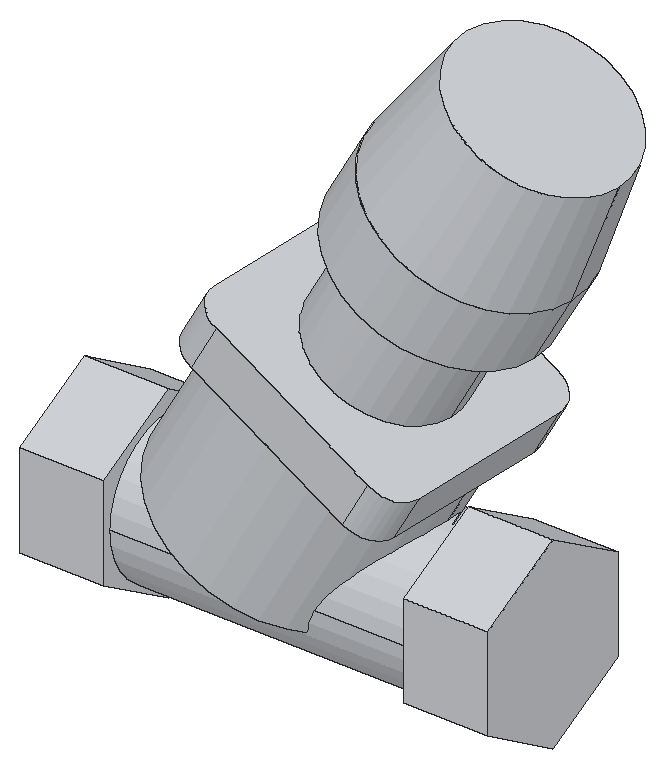
Revit family "OPTIMA_Compact_FF_DN15_2,5_RFA_2018", category Pipe Accessories, Revit 2018
Family settings
  Round Connector Dimension = Use Diameter
  Part Type = Valve - Breaks Into
  Work Plane-Based = No
  Always vertical = Yes
  Cut with Voids When Loaded = No
  Shared = No
Parameters (values of type "OPTIMA Compact DN15 F-F 2.5mm")
  magiProductId = "1f59e983221c4705b905dca277ac1b"
  magiProductFamilyId = "52eeb9fa0c9d42c987a78ea14b42d3"
  magiPartTypeId = 304
  isMeasuringValve [instance] = no
  ang2D [instance] = 0.00°
  Z = 0 mm
  X = 7 mm
  W2D = 32 mm
  VersionID = "2.0/2018.8.28.1/FRESE_OPTIMA-COMPACT-FF_001"
  Use Minimum Symbol Size [instance] = yes
  URL = "www.hydronic.cz"
  Type Comments = "vnitřní závit; PN25; 0~120°C, bez měřicích vsuvek"
  R9 = 8 mm
  R8 = 14 mm
  R7 = 17 mm
  R6 = 12 mm
  R5 = 5 mm
  R4 = 19 mm
  R3 = 19 mm
  R2 = 12 mm
  R1 = 15 mm
  QmdConnectorList = "301;D;302;D"
  Productdata [instance] = ""
  PLG0 = no
  Manufacturer = "Hydronic Systems Prague s.r.o."
  MC Product Code = "53-1344  (1/2\" F-F; 2.5mm; Qmin-dpmin 100l/h-14.9kPa; Qmax-dpmin 575l/h-18.5kPa; dpmax 800kPa)"
  MC Piping Given Pressure Drop [instance] = 0.0 Pa
  LL = 37.5 mm
  L3 = 11 mm
  L2D_Min = 3048 mm
  L2D = 104 mm
  L2 = 48 mm
  L1__ve = -L1  # -13.5 mm
  L1 = 13.5 mm
  H6__ve = -H6  # -57 mm
  H6 = 57 mm
  H5 = 20 mm
  H4 = 12 mm
  H3 = 18 mm
  H2 = 8 mm
  H1 = 26 mm
  Description = "Tlakově nezávislý 2-cestný regulační vyvažovací ventil (PICV)"
  D = 15 mm
  CenSd_R1_6 = R1 * cos(30.00°)  # 12.99 mm
  A = 30.00°
Types (6, lengths in mm): name | magiProductId | Z | X | R4 | R3 | R2 | R1 | MC Product Code | LL | L3 | L2 | L1__ve | L1 | H6__ve | H6 | H3 | H2 | H1 | D | CenSd_R1_6
  OPTIMA Compact DN32 F-F 5.5mm | "b339906595e54d959f7e36e14a5078" | 1 | 13 | 29 | 31.5 | 22 | 26 | "53-1354  (5/4\" F-F; 5.5mm; Qmin-dpmin 550l/h-17.9kPa; Qmax-dpmin 4001l/h-28.0kPa; dpmax 800kPa)" | 52 | 12.5 | 66.56 | -18.72 | 18.72 | -68 | 68 | 16 | 10 | 46 | 32 | 22.517
  OPTIMA Compact DN15 F-F 2.5mm | "1f59e983221c4705b905dca277ac1b" | 0 | 7 | 19 | 19 | 12 | 15 | "53-1344  (1/2\" F-F; 2.5mm; Qmin-dpmin 100l/h-14.9kPa; Qmax-dpmin 575l/h-18.5kPa; dpmax 800kPa)" | 37.5 | 11 | 48 | -13.5 | 13.5 | -57 | 57 | 18 | 8 | 26 | 15 | 12.99
  OPTIMA Compact DN15 F-F 5.0mm | "ed735bb751334d9b9367ccb2001bd8" | 0 | 7 | 19 | 19 | 12 | 15 | "53-1345  (1/2\" F-F; 5.0mm; Qmin-dpmin 220l/h-16.0kPa; Qmax-dpmin 1330l/h-21.6Pa; dpmax 800kPa)" | 37.5 | 11 | 48 | -13.5 | 13.5 | -57 | 57 | 18 | 8 | 26 | 15 | 12.99
  OPTIMA Compact DN20 F-F 5.0mm | "3fe8f468b8a34e8b9375925b2f5228" | 0 | 10 | 19 | 19 | 13.5 | 17.5 | "53-1348  (3/4\" F-F; 5.0mm; Qmin-dpmin 220l/h-16.0kPa; Qmax-dpmin 1330l/h-21.6Pa; dpmax 800kPa)" | 39.5 | 11 | 50.56 | -14.22 | 14.22 | -59.5 | 59.5 | 18 | 8 | 26 | 20 | 15.155
  OPTIMA Compact DN20 F-F 5.5mm | "3f04956b0a9346f48e327241883a91" | 0 | 10 | 19 | 19 | 13.5 | 17.5 | "53-1318  (3/4\" F-F; 5.5mm; Qmin-dpmin 300l/h-17.8kPa; Qmax-dpmin 1800l/h-40.0Pa; dpmax 800kPa)" | 39.5 | 11 | 50.56 | -14.22 | 14.22 | -59.5 | 59.5 | 18 | 8 | 26 | 20 | 15.155
  OPTIMA Compact DN25 F-F 5.5mm | "a6a3417af38f4ebebee56b059e5e27" | 0 | 13 | 29 | 31.5 | 18.5 | 22 | "53-1353  (1\" F-F; 5.5mm; Qmin-dpmin 600l/h-17.3kPa; Qmax-dpmin 3609l/h-23.0Pa; dpmax 800kPa)" | 50 | 12.5 | 64 | -18 | 18 | -64 | 64 | 16 | 10 | 43 | 25 | 19.053
Reference planes
  plane 1 "Center (Front/Back)": y = 0
  plane 2 "XYPLANE": z = 0
  plane 3 "Center (Left/Right)": x = 0
  plane 4 "267": x = 11
  plane 5 "266": x = -11
  plane 6 "252": through (-607.519, 0, 447.746) normal (0.5, 0, 0.866)
  plane 7 "250": through (-617.519, 0, 430.426) normal (0.5, 0, 0.866)
  plane 8 "248": through (-623.519, 0, 420.033) normal (0.5, 0, 0.866)
  plane 9 "245": through (-632.519, 0, 404.445) normal (0.5, 0, 0.866)
  plane 10 "241": through (352.483, 0, 662.519) normal (0.866, 0, -0.5)
  plane 11 "240": through (385.392, 0, 643.519) normal (0.866, 0, -0.5)
  plane 12 "239": y = -19
  plane 13 "238": y = 19
  plane 14 "237": through (-636.519, 0, 397.517) normal (0.5, 0, 0.866)
  plane 15 "235": through (-649.519, 0, 375) normal (0.5, 0, 0.866)
  plane 16 "231": y = 0
  plane 17 "230": through (368.938, 0, 653.019) normal (0.866, 0, -0.5)
  plane 18 "211": x = -24
  plane 19 "204": x = 37.5
  plane 20 "203": x = -37.5
  plane 21 "202": x = 0
  plane 22 "201": z = 0
  plane 23 "200": y = 0
  plane 24 "227XY": through (-649.519, 0, 375) normal (0.5, 0, 0.866)
  plane 25 "227XZ": y = 0
  plane 26 "227YZ": through (375, 0, 649.519) normal (0.866, 0, -0.5)
Forms (mm)
  Extrusion 1, solid
    sketch origin (37.5, -750, 0) x (0, 1, 0) y (0, 0, 1)
      loop
        line (750, 15) -> (737.01, 7.5) -> (737.01, -7.5) -> (750, -15) -> (762.99, -7.5) -> (762.99, 7.5) -> (750, 15)
    from 0 to -13.5 <- "L1__ve"
  Extrusion 2, solid
    sketch origin (-37.5, -750, 0) x (0, 1, 0) y (0, 0, 1)
      loop
        line (750, 15) -> (737.01, 7.5) -> (737.01, -7.5) -> (750, -15) -> (762.99, -7.5) -> (762.99, 7.5) -> (750, 15)
    from 0 to 13.5 <- "L1"
  Extrusion 3, solid, visible <- "PLG0"
    sketch origin (-750, 0, 0) x (1, 0, 0) y (0, 1, 0)
      loop
        circle (761, 0) r 8
    from 0 to -57 <- "H6__ve"
  Extrusion 4, solid, visible <- "PLG0"
    sketch origin (-750, 0, 0) x (1, 0, 0) y (0, 1, 0)
      loop
        circle (739, 0) r 8
    from 0 to -57 <- "H6__ve"
  Blend 5, solid
    base sketch origin (-617.519, 0, 430.426) x (0.866025, 0, -0.5) y (0, 1, 0)
      loop
        circle (743, 0) r 17
    top sketch origin (-617.519, 0, 430.426) x (0.866025, 0, -0.5) y (0, 1, 0)
      loop
        circle (743, 0) r 14
    from 0 to 20
  Extrusion 6, solid
    sketch origin (-623.519, 0, 420.033) x (0.866025, 0, -0.5) y (0, 1, 0)
      loop
        circle (743, 0) r 17
    from 0 to 12 <- "H4"
  Extrusion 7, solid
    sketch origin (-632.519, 0, 404.445) x (0.866025, 0, -0.5) y (0, 1, 0)
      loop
        circle (743, 0) r 12
    from 0 to 18 <- "H3"
  Extrusion 8, solid
    sketch origin (-636.519, 0, 397.517) x (0.866025, 0, -0.5) y (0, 1, 0)
      loop
        arc (729, 19) -> (725.464, 17.536) -> (724, 14) r 5
        line (724, 14) -> (724, -14)
        arc (724, -14) -> (725.464, -17.536) -> (729, -19) r 5
        line (729, -19) -> (757, -19)
        arc (757, -19) -> (760.536, -17.536) -> (762, -14) r 5
        line (762, -14) -> (762, 14)
        arc (762, 14) -> (760.536, 17.536) -> (757, 19) r 5
        line (757, 19) -> (729, 19)
    from 0 to 8 <- "H2"
  Extrusion 9, solid
    sketch origin (-649.519, 0, 375) x (0.866025, 0, -0.5) y (0, 1, 0)
      loop
        circle (743, 0) r 19
    from 0 to 26 <- "H1"
  Extrusion 10, solid
    sketch origin (-24, -750, 0) x (0, 1, 0) y (0, 0, 1)
      loop
        circle (750, 0) r 12
    from 0 to 48 <- "L2"
  Extrusion 11, solid, not visible
    sketch origin (37.5, -750, 0) x (0, 1, 0) y (0, 0, 1)
      loop
        circle (750, 0) r 10
    from 0 to -10
  Extrusion 12, solid, not visible
    sketch origin (-37.5, -750, 0) x (0, 1, 0) y (0, 0, 1)
      loop
        circle (750, 0) r 10
    from 0 to 10
Lines and regions (mm)
  reference lines, not visible
    curve 1: circle (2, 2, 0) r 1 normal (0, 0, 1)
  reference lines
    curve 2: line (37.5, 0, 0) -> (37.5, -11.258, -6.5)
    curve 3: line (37.5, 0, 0) -> (37.5, 0, -13)
    curve 4: line (37.5, 0, 0) -> (37.5, 11.258, -6.5)
    curve 5: line (-37.5, 0, 0) -> (-37.5, 11.258, -6.5)
    curve 6: line (-37.5, 0, 0) -> (-37.5, 0, -13)
    curve 7: line (-37.5, 0, 0) -> (-37.5, -11.258, -6.5)
Dimensions and locks
  plane 1 "Center (Front/Back)" to curve 1 = 2 mm
  "L3": plane 3 "Center (Left/Right)" to plane 4 "267"
  "L3": plane 3 "Center (Left/Right)" to plane 5 "266"
  "H5": plane 7 "250" to plane 6 "252"
  "H4": plane 8 "248" to plane 7 "250"
  "H3": plane 9 "245" to plane 8 "248"
  "H2": plane 14 "237" to plane 9 "245"
  "R4": plane 17 "230" to plane 10 "241"
  "R4": plane 17 "230" to plane 11 "240"
  "R4": plane 23 "200" to plane 12 "239"
  "R4": plane 23 "200" to plane 13 "238"
  "H1": plane 15 "235" to plane 14 "237"
  "Z": plane 24 "227XY" to plane 15 "235"
  locked: plane 23 "200" to plane 16 "231"
  "X": plane 26 "227YZ" to plane 17 "230"
  "L1": plane 20 "203" to plane 18 "211"
  "LL": plane 3 "Center (Left/Right)" to plane 19 "204"
  "LL": plane 3 "Center (Left/Right)" to plane 20 "203"
  locked: plane 3 "Center (Left/Right)" to plane 21 "202"
  locked: plane 2 "XYPLANE" to plane 22 "201"
  locked: plane 1 "Center (Front/Back)" to plane 23 "200"
  "CenSd_R1_6": curve 2 to Extrusion 1 sketch curve  (x2)
  "CenSd_R1_6": curve 3 to Extrusion 1 sketch curve  (x2)
  "CenSd_R1_6": curve 4 to Extrusion 1 sketch curve  (x2)
  Extrusion 1 sketch curve to Extrusion 1 sketch curve = 0 mm  (x12)
  "CenSd_R1_6": curve 5 to Extrusion 2 sketch curve  (x2)
  "CenSd_R1_6": curve 6 to Extrusion 2 sketch curve  (x2)
  "CenSd_R1_6": curve 7 to Extrusion 2 sketch curve  (x2)
  Extrusion 2 sketch curve to Extrusion 2 sketch curve = 0 mm  (x12)
  Extrusion 8 sketch curve to Extrusion 8 sketch curve = 0 mm  (x16)
  "R9": radius of Extrusion 3 sketch curve
  "R9": radius of Extrusion 4 sketch curve
  "R8": radius of Blend 5 sketch curve
  "R7": radius of Blend 5 sketch curve
  "R7": radius of Extrusion 6 sketch curve
  "R6": radius of Extrusion 7 sketch curve
  "R5": radius of Extrusion 8 sketch curve  (x4)
  "R3": radius of Extrusion 9 sketch curve
  "R2": radius of Extrusion 10 sketch curve
  locked: curve 3 to curve 2 (angle 60.00°)
  locked: curve 4 to curve 3 (angle 60.00°)
  locked: curve 4 to curve 2 (angle 120.00°)
  locked: curve 6 to curve 5 (angle 60.00°)
  locked: curve 7 to curve 6 (angle 60.00°)
  locked: curve 7 to curve 5 (angle 120.00°)
  aligned and locked: level to plane 2 "XYPLANE"
  aligned and locked: plane 22 "201" to curve 4
  aligned and locked: curve 4 to plane 23 "200"
  aligned and locked: plane 22 "201" to curve 7
  aligned and locked: curve 7 to plane 23 "200"
  aligned and locked: plane 4 "267" to Extrusion 3 sketch curve
  aligned and locked: plane 23 "200" to Extrusion 3 sketch curve
  aligned and locked: plane 5 "266" to Extrusion 4 sketch curve
  aligned and locked: plane 23 "200" to Extrusion 4 sketch curve
  aligned and locked: plane 16 "231" to Blend 5 sketch curve  (x2)
  aligned and locked: Blend 5 sketch curve to plane 17 "230"  (x2)
  aligned and locked: plane 6 "252" to Blend 5
  aligned and locked: plane 16 "231" to Extrusion 6 sketch curve
  aligned and locked: Extrusion 6 sketch curve to plane 17 "230"
  aligned and locked: plane 16 "231" to Extrusion 7 sketch curve
  aligned and locked: Extrusion 7 sketch curve to plane 17 "230"
  aligned and locked: Extrusion 8 sketch curve to plane 10 "241"
  aligned and locked: Extrusion 8 sketch curve to plane 12 "239"
  aligned and locked: Extrusion 8 sketch curve to plane 11 "240"
  aligned and locked: plane 13 "238" to Extrusion 8 sketch curve
  aligned and locked: plane 16 "231" to Extrusion 9 sketch curve
  aligned and locked: Extrusion 9 sketch curve to plane 17 "230"
  aligned and locked: plane 22 "201" to Extrusion 10 sketch curve
  aligned and locked: Extrusion 10 sketch curve to plane 23 "200"
  aligned and locked: plane 22 "201" to Extrusion 11 sketch curve
  aligned and locked: Extrusion 11 sketch curve to plane 23 "200"
  aligned and locked: plane 22 "201" to Extrusion 12 sketch curve
  aligned and locked: Extrusion 12 sketch curve to plane 23 "200"
Automatic sketch dimensions
  plane 1 "Center (Front/Back)" to Extrusion 11 sketch curve = 10 mm
  plane 1 "Center (Front/Back)" to Extrusion 12 sketch curve = 10 mm
  plane 3 "Center (Left/Right)" to curve 1 = 2 mm
  radius of curve 1 = 1 mm
Connectors
  piping at (-37.5, 0, 0), diameter 15, driven by "D"
    settings: on Extrusion 12, index 1, connector inside diameter 609.6 mm, connector length 0 mm, flow factor 0, pipe flow 0.0 L/s, pressure drop 0.0 Pa, fitting loss kfactor 0, connector angle 0.00°, fixture units 0, engagement length 0 mm, angle of deflection 0.00°, flow configuration 0, flow direction 0, fitting loss method 0, system type 29, joint type 0, gender type 0, connector reference index 2, connector utility 0, adjustable connector no, is connector primary yes, connector description ""
  piping at (37.5, 0, 0), diameter 15, driven by "D"
    settings: on Extrusion 11, index 2, connector inside diameter 609.6 mm, connector length 0 mm, flow factor 0, pipe flow 0.0 L/s, pressure drop 0.0 Pa, fitting loss kfactor 0, connector angle 0.00°, fixture units 0, engagement length 0 mm, angle of deflection 0.00°, flow configuration 0, flow direction 0, fitting loss method 0, system type 29, joint type 0, gender type 0, connector reference index 1, connector utility 0, adjustable connector no, is connector primary no, connector description ""
